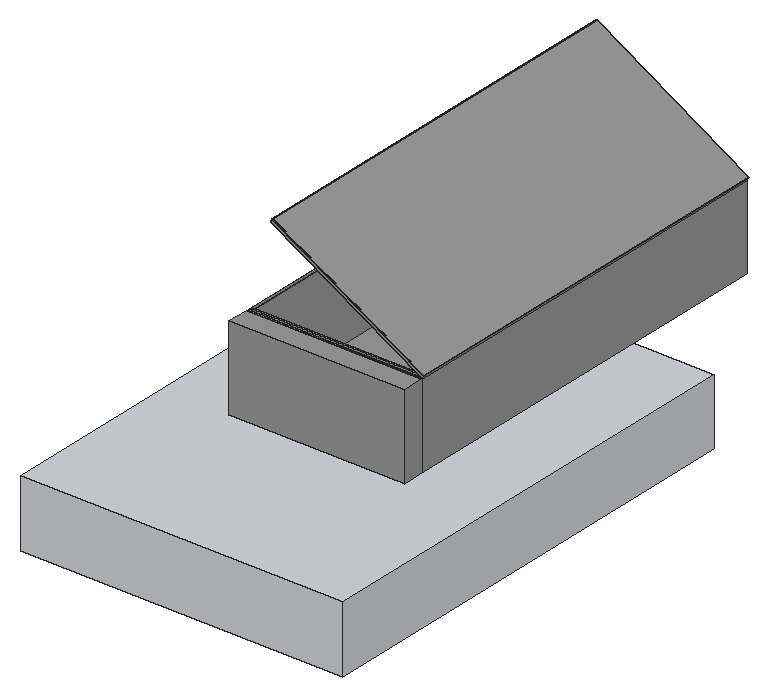
Revit family "Hager-Univers-IP55-D400-H1950-Cl.II-Steel_encl-FR-fr", category Equipement électrique, Revit 2020
Family settings
  Hôte = Face
  Configuration du panneau = Deux colonnes, circuits au sein
  Cote de connecteur circulaire = Utiliser le diamètre
  Type d'élément = Tableau de raccordement
  Couper avec des vides une fois chargée = Non
  Partagée = Non
  Point de calcul de pièce = Non
Parameters (values of type "installation au sol IP55 L800 H1950 P400  - FR23H1")
  Width Control [instance] = if([EF000008 - largeur] > Min Width, [EF000008 - largeur], Min Width)  # 800 mm
  Commentaires du type = [HG000003 - Gamme]  # "Univers"
  Thickness Door [instance] = if([EF009171 - épaisseur de matériau de la porte/du couvercle] > 3 mm, 3 mm, [EF009171 - épaisseur de matériau de la porte/du couvercle])  # 1.5 mm
  Seal Frame Offset [instance] = 17 mm  # constant formula
  Plinth Visibility [instance] = [HG000027 - Hauteur du socle] > 0 mm  # yes
  Model = ""
  Min Width [instance] = 100 mm  # constant formula
  Min Height [instance] = 100 mm  # constant formula
  Min Depth [instance] = (2 * [EF009170 - épaisseur de matériau du boîtier]) + 1 mm  # 4 mm
  Internal Frame Depth [instance] = (Door System Depth * 0.5)  # 9 mm
  Height Control [instance] = if([EF000040 - hauteur] > Min Height, [EF000040 - hauteur], Min Height)  # 1950 mm
  HG000027 - Hauteur du socle = 100 mm
  HG000026 - Installation au sol = yes
  HG000024 - Hauteur de la section basse = 800 mm
  HG000023 - Armoire double section = no
  HG000016 - Visibilité de la porte 3D [instance] = yes
  HG000015 - Visibilité de l'emprise de la porte [instance] = no
  HG000014 - Porte à droite [instance] = yes
  HG000013 - Porte à gauche [instance] = not([HG000014 - Porte à droite])  # no
  HG000012 - Angle de pivotement de la porte [instance] = 30.00°
  HG000010 - Portes asymétriques = no
  HG000009 - Porte à double battant = no
  HG000006 - Encastré = no
  HG000004 - Référence fabricant = "FR23H1"
  HG000003 - Gamme = "Univers"
  HG000002 - avec porte = yes
  Frame Offset Bottom [instance] = 10 mm  # constant formula
  Frame Offset [instance] = 15 mm  # constant formula
  EF015940 - couvercle avec décharge de pression = no
  EF011959 - degré de protection (NEMA) = ""
  EF009554 - nombre d'ouvertures pour plaques à bride = 6
  Fabricant = "Hager"  # constant formula
  EF009212 - finition du couvercle = "EV000116 - fermé"
  EF009171 - épaisseur de matériau de la porte/du couvercle = 1.5 mm
  EF009170 - épaisseur de matériau du boîtier = 1.5 mm
  EF008873 - courant nominal (In) = 800 A
  EF007800 - adapté à un parafoudre = no
  EF006306 - avec serrure = no
  EF006244 - couvercle/porte transparent(e) = no
  EF005474 - indice de protection (IP) = "EV006420 - IP55"
  EF004464 - type de porte = "EV002646 - unique"
  EF004427 - nombre de modules = 432
  EF004293 - indice de protection contre les chocs (IK) = "EV008784 - IK10"
  EF003532 - convient pour utilisation à l’extérieur = no
  EF002950 - largeur en nombre de modules = 24
  EF001613 - maintien de fonction = "EV000494 - sans"
  EF001596 - matériau du boîtier/corps = "EV000179 - acier"
  EF001131 - profondeur intérieure = 400 mm
  EF001088 - possibilité de montage en saillie = yes
  EF000437 - nombre d'entrées de conduit = 6
  EF000339 - type de capot = "EV004216 - porte"
  EF000266 - nombre de rangées = 12
  EF000218 - profondeur d'encastrement = 0 mm
  EF000118 - avec cadre/support de montage = no
  EF000116 - numéro RAL = "7035"
  EF000049 - profondeur = 400 mm
  EF000040 - hauteur = 1950 mm
  EF000008 - largeur = 800 mm
  EF000007 - couleur = "EV000270 - gris"
  EF000003 - mode de pose = "EV012274 - installation au sol"
  Door System Leaf Tolerance [instance] = 1.5 mm  # constant formula
  Door System Depth [instance] = 18 mm  # constant formula
  Door Height [instance] = Height Control - [HG000027 - Hauteur du socle]  # 1850 mm
  Depth Control [instance] = if([EF000049 - profondeur] > Min Depth, [EF000049 - profondeur], Min Depth)  # 400 mm
  Default Elevation = 0 mm
  Connector Offset [instance] = Height Control / 2  # 975 mm
  Bottom Top Plate Trim [instance] = 1.5 mm  # constant formula
  Plinth height Ctrl [instance] = if([HG000027 - Hauteur du socle] > 0 mm, [HG000027 - Hauteur du socle], 12 mm)  # 100 mm
Types (6, lengths in mm): name | Width Control | HG000010 - Portes asymétriques | HG000009 - Porte à double battant | HG000004 - Référence fabricant | EF009554 - nombre d'ouvertures pour plaques à bride | EF004464 - type de porte | EF004427 - nombre de modules | EF000437 - nombre d'entrées de conduit | EF000008 - largeur
  installation au sol IP55 L1050 H1950 P400  - FR24H1 | 1050 | yes | yes | "FR24H1" | 8 | "EV003602 - double" | 576 | 8 | 1050
  installation au sol IP55 L1300 H1950 P400  - FR25H1 | 1300 | yes | yes | "FR25H1" | 10 | "EV003602 - double" | 720 | 10 | 1300
  installation au sol IP55 L1550 H1950 P400  - FR26H1 | 1550 | yes | yes | "FR26H1" | 12 | "EV003602 - double" | 864 | 12 | 1550
  installation au sol IP55 L300 H1950 P400  - FR21H1 | 300 | no | no | "FR21H1" | 2 | "EV002646 - unique" | 144 | 2 | 300
  installation au sol IP55 L550 H1950 P400  - FR22H1 | 550 | no | no | "FR22H1" | 4 | "EV002646 - unique" | 288 | 4 | 550
  installation au sol IP55 L800 H1950 P400  - FR23H1 | 800 | no | no | "FR23H1" | 6 | "EV002646 - unique" | 432 | 6 | 800
Reference planes
  plane 1 "Center (Front/Back)": y = 0
  plane 2: z = 0
  plane 3 "Center (Left/Right)": x = 0
  plane 4: z = 400
  plane 5: y = 101.5
  plane 6: y = 1025
  plane 7: y = 100
  plane 8: y = 1950
  plane 9: z = 0
  plane 10: x = -385
  plane 11: x = 385
  plane 12: x = 383.5
  plane 13: x = -383.5
  plane 14: y = 1948.5
  plane 15: x = -383
  plane 16: x = -400
  plane 17: x = 383
  plane 18: x = 400
  plane 19: x = 398.5
  plane 20: x = -398.5
  plane 21: y = 111.5
  plane 22: y = 1950
  plane 23: y = 1933.5
  plane 24: z = 382
  plane 25: z = 1.5
  plane 26: z = 380.5
  plane 27: z = 398.5
Forms (mm)
  Extrusion 1, solid
    sketch origin (0, 0, 0) x (1, 0, 0) y (0, 1, 0)
      loop
        line (-702.964, 1305) -> (-702.964, -811.445) -> (766.763, -811.445) -> (766.763, 1305) -> (-702.964, 1305)
    from 0 to -304.8
  Extrusion 2, solid, material "Hager_Steel_RAL7035_Light_Grey", visible <- "Plinth Visibility", detail levels medium+fine
    sketch origin (0, 0, 0) x (1, 0, 0) y (0, 1, 0)
      loop
        line (-400, 0) -> (400, 0) -> (400, 100) -> (-400, 100) -> (-400, 0)
    from 0 to 382
  Extrusion 3, solid, material "Hager_Steel_RAL7035_Light_Grey", detail levels medium+fine
    sketch origin (0, 0, 0) x (1, 0, 0) y (0, 1, 0)
      loop
        line (-400, 100) -> (400, 100) -> (400, 1950) -> (-400, 1950) -> (-400, 100)
    from 0 to 382
  Extrusion 4, void
    sketch origin (0, 0, 0) x (1, 0, 0) y (0, 1, 0)
      loop
        line (-398.5, 101.5) -> (398.5, 101.5) -> (398.5, 1948.5) -> (-398.5, 1948.5) -> (-398.5, 101.5)
    from 1.5 to 380.5
  Extrusion 5, void
    sketch origin (-381.607, -4572, 382) x (0, -1, 0) y (-1, 0, 0)
      loop
        line (-4683.5, 1.893) -> (-6505.5, 1.893) -> (-6505.5, -765.107) -> (-4683.5, -765.107) -> (-4683.5, 1.893)
    from 0 to 1.5 <- "EF009170 - épaisseur de matériau du boîtier"
  Extrusion 6, solid, material "Hager_Steel_RAL7035_Light_Grey", detail levels fine
    sketch origin (0, 0, 382) x (1, 0, 0) y (0, 1, 0)
      loop
        line (-383.5, 1933.5) -> (-383.5, 111.5) -> (383.5, 111.5) -> (383.5, 1933.5) -> (-383.5, 1933.5)
      loop
        line (-385, 110) -> (385, 110) -> (385, 1935) -> (-385, 1935) -> (-385, 110)
    from 0 to 9 <- "Internal Frame Depth"
  Extrusion 7, solid, material "Hager_Steel_RAL7035_Light_Grey", detail levels coarse
    sketch origin (0, 0, 0) x (1, 0, 0) y (0, 1, 0)
      loop
        line (-400, 0) -> (400, 0) -> (400, 1950) -> (-400, 1950) -> (-400, 0)
    from 0 to 400
  Sweep 8, void
    path in 3D
      loop
        line (-400, 100, 0) -> (400, 100, 0) -> (400, 100, 382) -> (-400, 100, 382) -> (-400, 100, 0)
    profile origin (-400, 100, 191) x (-1, 0, 0) y (0, -1, 0)
      loop
        line (0, 0) -> (0, 1.5) -> (-1.5, 1.5)
        arc (-1.5, 1.5) -> (-1.061, 0.439) -> (0, 0) r 1.5
Cuts and joins
  Extrusion 4, Extrusion 5 cuts Extrusion 3
  Sweep 8 cuts Extrusion 2
Lines and regions (mm)
  Masking region 1
    outline origin (0, 0, 0) x (1, 0, 0) y (0, 0, 1)
      loop
        line (-400, 400) -> (-400, 0) -> (400, 0) -> (400, 400) -> (-400, 400)
  Masking region 2, detail levels medium+fine
    outline origin (0, 140, 0) x (0, 1, 0) y (0, 0, 1)
      loop
        line (-40, 0) -> (1810, 0) -> (1810, 382) -> (-40, 382) -> (-40, 0)
  Masking region 3, not visible, detail levels medium+fine
    outline origin (0, 297.922, 0) x (0, 1, 0) y (0, 0, 1)
      loop
        line (738.578, 0) -> (778.578, 0) -> (778.578, 388.5)
        arc (778.578, 388.5) -> (775.649, 395.571) -> (768.578, 398.5) r 10
        line (768.578, 398.5) -> (738.578, 398.5) -> (738.578, 0)
  Masking region 4, detail levels coarse
    outline origin (0, 0, 180) x (0, 1, 0) y (0, 0, 1)
      loop
        line (0, -180) -> (1950, -180) -> (1950, 220) -> (0, 220) -> (0, -180)
  Masking region 5, visible <- "Plinth Visibility", detail levels medium+fine
    outline origin (0, 52.24, 12.345) x (0, 0, -1) y (0, 1, 0)
      loop
        line (10.845, 47.76) -> (-368.155, 47.76)
        arc (-368.155, 47.76) -> (-368.594, 46.699) -> (-369.655, 46.26) r 1.5
        line (-369.655, 46.26) -> (-369.655, -52.24) -> (12.345, -52.24) -> (12.345, 46.26)
        arc (12.345, 46.26) -> (11.285, 46.699) -> (10.845, 47.76) r 1.5
  Masking region 6, detail levels medium+fine
    outline origin (-381.607, -4572, 382) x (-1, 0, 0) y (0, -1, 0)
      loop
        line (18.393, -6522) -> (18.393, -4672) -> (-781.607, -4672) -> (-781.607, -6522) -> (18.393, -6522)
  Masking region 7, visible <- "Plinth Visibility", detail levels medium+fine
    outline origin (-381.607, -4727, 382) x (-1, 0, 0) y (0, -1, 0)
      loop
        arc (16.893, -4827) -> (17.332, -4825.939) -> (18.393, -4825.5) r 1.5
        line (18.393, -4825.5) -> (18.393, -4727) -> (-781.607, -4727) -> (-781.607, -4825.5)
        arc (-781.607, -4825.5) -> (-780.546, -4825.939) -> (-780.107, -4827) r 1.5
        line (-780.107, -4827) -> (16.893, -4827)
  Masking region 8, detail levels coarse
    outline origin (-442.548, -4669.526, 382) x (-1, 0, 0) y (0, -1, 0)
      loop
        line (-42.548, -6619.526) -> (-42.548, -4669.526) -> (-842.548, -4669.526) -> (-842.548, -6619.526) -> (-42.548, -6619.526)
  sketch lines
    curve 1: line (-400, 100, 382) -> (-400, 100, 0)
    curve 2: line (400, 100, 382) -> (-400, 100, 382)
    curve 3: line (400, 100, 382) -> (400, 100, 0)
    curve 4: line (-400, 100, 0) -> (400, 100, 0)
Dimensions and locks
  "Depth Control": plane 4 to Extrusion 1
  "HG000027 - Hauteur du socle": plane 1 "Center (Front/Back)" to plane 7
  "EF009170 - épaisseur de matériau du boîtier": plane 5 to plane 7
  locked: connector elem to plane 3 "Center (Left/Right)"
  equal spacing: plane 8, plane 6, plane 7
  locked: connector elem to plane 6
  "EF009170 - épaisseur de matériau du boîtier": plane 8 to plane 14
  "EF009170 - épaisseur de matériau du boîtier": plane 10 to plane 13
  "EF009170 - épaisseur de matériau du boîtier": plane 12 to plane 11
  "Frame Offset": plane 20 to plane 13
  "Frame Offset": plane 12 to plane 19
  "EF009170 - épaisseur de matériau du boîtier": plane 16 to plane 20
  "EF009170 - épaisseur de matériau du boîtier": plane 19 to plane 18
  "Seal Frame Offset": plane 16 to plane 15
  "Seal Frame Offset": plane 17 to plane 18
  "Frame Offset Bottom": plane 21 to plane 5
  "Frame Offset": plane 14 to plane 23
  equal spacing: plane 16, plane 3 "Center (Left/Right)", plane 18
  "Width Control": plane 16 to plane 18
  "EF009170 - épaisseur de matériau du boîtier": plane 4 to plane 27
  "EF009170 - épaisseur de matériau du boîtier": plane 24 to plane 26
  "EF009170 - épaisseur de matériau du boîtier": plane 25 to level
  "Door System Depth": plane 4 to plane 24
  "Height Control": plane 1 "Center (Front/Back)" to Extrusion 7 sketch curve
  "Height Control": Masking region 4 sketch curve to plane 1 "Center (Front/Back)"
  "Height Control": plane 1 "Center (Front/Back)" to plane 22
  "Bottom Top Plate Trim": profile plane to Sweep 8 sketch curve
  "Bottom Top Plate Trim": Sweep 8 sketch curve to profile plane
  "Plinth height Ctrl": plane 1 "Center (Front/Back)" to Extrusion 2 sketch curve
  "Plinth height Ctrl": Masking region 5 sketch curve to plane 1 "Center (Front/Back)"
  "Plinth height Ctrl": plane 1 "Center (Front/Back)" to Masking region 7 sketch curve
  "Thickness Door": Extrusion 6 sketch curve to Extrusion 6 sketch curve  (x3)
  "Thickness Door": cut or joined group of Extrusion 3, Extrusion 4, Extrusion 5 to Extrusion 6 sketch curve
  radius of Masking region 3 sketch curve = 10 mm
  "Bottom Top Plate Trim": radius of Masking region 5 sketch curve  (x2)
  "Bottom Top Plate Trim": radius of Sweep 8 sketch curve
  "Bottom Top Plate Trim": radius of Masking region 7 sketch curve  (x2)
  aligned and locked: plane 2 to Extrusion 1
  aligned and locked: level to Extrusion 1
  aligned and locked: level to Masking region 1 sketch curve
  aligned and locked: Masking region 1 sketch curve to plane 18
  aligned and locked: Masking region 1 sketch curve to plane 16
  aligned and locked: plane 7 to Masking region 2 sketch curve
  aligned and locked: level to Masking region 3 sketch curve
  aligned and locked: Masking region 3 sketch curve to plane 27
  aligned and locked: level to Masking region 2 sketch curve
  aligned and locked: plane 1 "Center (Front/Back)" to Extrusion 2 sketch curve
  aligned and locked: Extrusion 3 sketch curve to plane 7
  aligned and locked: plane 16 to Extrusion 3 sketch curve
  aligned and locked: plane 18 to Extrusion 3 sketch curve
  aligned and locked: plane 20 to Extrusion 4 sketch curve
  aligned and locked: plane 19 to Extrusion 4 sketch curve
  aligned and locked: Extrusion 4 sketch curve to plane 5
  aligned and locked: Extrusion 4 to plane 25
  aligned and locked: plane 26 to Extrusion 4
  aligned and locked: plane 24 to Extrusion 3
  aligned and locked: Extrusion 5 sketch curve to plane 21
  aligned and locked: Extrusion 5 sketch curve to plane 13
  aligned and locked: Extrusion 5 sketch curve to plane 12
  aligned and locked: plane 18 to Extrusion 7 sketch curve
  aligned and locked: plane 1 "Center (Front/Back)" to Extrusion 7 sketch curve
  aligned and locked: plane 16 to Extrusion 7 sketch curve
  aligned and locked: plane 4 to Extrusion 7
  aligned and locked: Extrusion 7 to level
  aligned and locked: level to Masking region 4 sketch curve
  aligned and locked: Masking region 4 sketch curve to plane 1 "Center (Front/Back)"
  aligned and locked: Masking region 4 sketch curve to plane 4
  aligned and locked: nested 1 to level
  aligned and locked: nested 1 to plane 16
  aligned and locked: plane 8 to Extrusion 3 sketch curve
  aligned and locked: plane 23 to Extrusion 5 sketch curve
  aligned and locked: plane 14 to Extrusion 4 sketch curve
  aligned and locked: Masking region 2 sketch curve to plane 8
  aligned and locked: level to Masking region 5 sketch curve
  aligned and locked: plane 16 to Extrusion 2 sketch curve
  aligned and locked: plane 18 to Extrusion 2 sketch curve
  aligned and locked: Masking region 5 sketch curve to plane 24
  aligned and locked: Masking region 2 sketch curve to plane 24
  aligned and locked: plane 24 to Extrusion 2
  aligned and locked: profile plane to Sweep 8 sketch curve  (x2)
  aligned and locked: Masking region 6 sketch curve to plane 18
  aligned and locked: Masking region 6 sketch curve to plane 22
  aligned and locked: Masking region 6 sketch curve to plane 16
  aligned and locked: plane 8 to plane 22
  aligned and locked: Masking region 6 sketch curve to plane 7
  aligned and locked: Masking region 7 sketch curve to plane 16
  aligned and locked: Masking region 7 sketch curve to plane 1 "Center (Front/Back)"
  aligned and locked: Masking region 7 sketch curve to plane 18
  aligned and locked: Masking region 8 sketch curve to plane 1 "Center (Front/Back)"
  aligned and locked: Masking region 8 sketch curve to plane 18
  aligned and locked: Masking region 8 sketch curve to plane 22
  aligned and locked: Masking region 8 sketch curve to plane 16
  aligned and locked: nested 2 to plane 7
  aligned and locked: plane 3 "Center (Left/Right)" to nested 2
  aligned and locked: nested 2 to plane 24
  aligned and locked: Extrusion 6 sketch curve to cut or joined group of Extrusion 3, Extrusion 4, Extrusion 5  (x4)
Automatic sketch dimensions
  Extrusion 1 sketch curve to Extrusion 1 sketch curve = 1469.727 mm
  Extrusion 1 sketch curve to Extrusion 1 sketch curve = 2116.445 mm
  Masking region 1 sketch curve to plane 4 = 0 mm
  plane 6 to Masking region 3 sketch curve = 11.5 mm
  Masking region 3 sketch curve to Masking region 3 sketch curve = 30 mm
  Masking region 5 sketch curve to plane 1 "Center (Front/Back)" = 0 mm
Nested families
  nested 1: "Hager_Enclosure_Symbol" at (-400, 0, 0) x (1, 0, 0) z (0, -1, 0), Height <- "Depth Control", Width <- "Width Control", type "Hager_Enclosure_Symbol"
    with Width_Ctrl 800 mm, Width 800 mm, Height_Ctrl 400 mm, Height 400 mm, A_Width_Int 26.25 mm, A_Width 315 mm, A_Height_Ctrl 350 mm, A_Height 350 mm
  nested 2: "EC000058_Univers_Door" at (0, 100, 382) x (1, 0, 0) z (0, 1, 0), Leaf_Tolerance <- "Door System Leaf Tolerance", Angle <- "HG000012 - Angle de pivotement de la porte", Door_Depth <- "Door System Depth", Door_Left <- "HG000013 - Porte à gauche", Transparent <- "EF006244 - couvercle/porte transparent(e)", Assymetrical <- "HG000010 - Portes asymétriques", Width <- "Width Control", Clearance <- "HG000015 - Visibilité de l'emprise de la porte", Double <- "HG000009 - Porte à double battant", 3d_Door <- "HG000016 - Visibilité de la porte 3D", Lock_Visibility <- "EF006306 - avec serrure", Width_Ctrl <- "Width Control", Door_Right <- "HG000014 - Porte à droite", Door <- "HG000002 - avec porte", Height <- "Door Height", Thickness <- "Thickness Door", type "EC000058_Univers_Door", detail levels medium+fine
    with min_wh 4 mm, Width_Ctrl 800 mm, Width 800 mm, Transparent no, Thickness 1.5 mm, Seal_Material Hager_Rubber, Lock_Visibility no, Lock_Material Hager_Plastic_RAL9005_Jet_Black, Leaf_Width 800 mm, Leaf_Tolerance_External_Sides 0 mm, Leaf_Tolerance 1.5 mm, Leaf_Offset 0 mm, Leaf_Height 1847 mm, Leaf_2_Width 800 mm, Leaf_2_Offset 400 mm, Leaf_1_Width 800 mm, Leaf_1_Offset 400 mm, Height_Ctrl 1850 mm, Height 1850 mm, Glass_Material Hager_Glass, Double_Clearance_Ctrl no, Double no, Door_Right_Ctrl yes, Door_Right yes, Door_Material Hager_Steel_RAL7035_Light_Grey, Door_Left_Ctrl no, Door_Left no, Door_Depth 18 mm, Door yes, Clearance_Material Hager_Clearance, Clearance_Depth 800 mm, Clearance_Ctrl no, Clearance no, Assymetrical no, Angle 30.00°, 3d_Door yes
Connectors
  electrical at (0, 1025, 0)
    settings: on plane 9, index 1, voltage 0 V, apparent load 0 VA, apparent load phase1 0 VA, apparent load phase2 0 VA, apparent load phase3 0 VA, power factor 1, load classification "Other", number of poles 1, system type 30, power factor state 1, is connector primary yes, connector utility no, sub classification motor no, connector description ""
Definition of nested family "EC000058_Univers_Door"
  Parameters (values of type "EC000058_Univers_Door")
    min_wh [instance] = (2 * Thickness) + 1 mm  # 11 mm
    Width_Ctrl [instance] = 400 mm
    Width [instance] = 500 mm
    Transparent [instance] = yes
    Thickness [instance] = 5 mm
    Seal_Material [instance] = none
    Lock_Visibility [instance] = yes
    Lock_Material [instance] = none
    Leaf_Width [instance] = if((Width_Ctrl - 2 * Leaf_Tolerance_External_Sides) > 0 mm, (Width_Ctrl - 2 * Leaf_Tolerance_External_Sides), min_wh)  # 400 mm
    Leaf_Tolerance_External_Sides [instance] = 0 mm  # constant formula
    Leaf_Tolerance [instance] = 1.5 mm
    Leaf_Offset [instance] = 0 mm  # constant formula
    Leaf_Height [instance] = if((Height_Ctrl - 2 * Leaf_Tolerance) > 0 mm, (Height_Ctrl - 2 * Leaf_Tolerance), min_wh)  # 497 mm
    Leaf_2_Width [instance] = if(and(and(Double, Assymetrical), Door_Left), (Leaf_Width / 3) - (Leaf_Tolerance / 2), if(and(and(Double, Assymetrical), Door_Right), (Leaf_Width / 3) * 2 - (Leaf_Tolerance / 2), if(and(Double, not(Assymetrical)), (Leaf_Width / 2) - Leaf_Tolerance, Leaf_Width)))  # 400 mm
    Leaf_2_Offset [instance] = if(and(Double, Assymetrical), Leaf_2_Width / 2, if(and(Double, not(Assymetrical)), Leaf_Width / 4, Leaf_Width / 2))  # 200 mm
    Leaf_1_Width [instance] = if(and(and(Double, Assymetrical), Door_Right), (Leaf_Width / 3) - (Leaf_Tolerance / 2), if(and(and(Double, Assymetrical), Door_Left), (Width / 3) * 2 - (Leaf_Tolerance / 2), if(and(Double, not(Assymetrical)), (Leaf_Width / 2) - Leaf_Tolerance, Leaf_Width)))  # 400 mm
    Leaf_1_Offset [instance] = if(and(Double, Assymetrical), Leaf_1_Width / 2, if(and(Double, not(Assymetrical)), Leaf_Width / 4, Leaf_Width / 2))  # 200 mm
    Height_Ctrl [instance] = if(Height > min_wh, Height, min_wh)  # 500 mm
    Height [instance] = 500 mm
    Glass_Material [instance] = none
    Double_Clearance_Ctrl [instance] = and(Double, Clearance)  # no
    Double [instance] = no
    Door_Right_Ctrl [instance] = and(or(Door_Right, Double), Door)  # yes
    Door_Right [instance] = yes
    Door_Material [instance] = none
    Door_Left_Ctrl [instance] = and(or(Door_Left, Double), Door)  # no
    Door_Left [instance] = no
    Door_Depth [instance] = 30 mm
    Door [instance] = yes
    Default Elevation = 1219.2 mm
    Clearance_Material [instance] = none
    Clearance_Depth [instance] = if(Leaf_1_Width > Leaf_2_Width, Leaf_1_Width, Leaf_2_Width)  # 400 mm
    Clearance_Ctrl [instance] = and(not(Double), Clearance)  # yes
    Clearance [instance] = yes
    Assymetrical [instance] = yes
    Angle [instance] = 30.00°
    3d_Door [instance] = yes
  Reference planes
    plane 1 "Center (Front/Back)": y = 0
    plane 2 "Bottom": z = 0
    plane 3 "Center (Left/Right)": x = 0
    plane 4: z = 500
    plane 5: x = -200
    plane 6: x = 200
    plane 7: z = 500
    plane 8: x = -200
    plane 9: z = 0
    plane 10: x = 200
    plane 11: y = 0
    plane 12: z = 1.5
    plane 13: x = -600
    plane 14: y = -400
    plane 15: x = 600
    plane 16: x = 0
    plane 17: x = 0
    plane 18: x = -200
    plane 19: x = 200
    plane 20: z = 498.5
  Forms (mm)
    Extrusion 1, solid, material <- "Clearance_Material", visible <- "Double_Clearance_Ctrl"
      sketch origin (1200, 0, 0) x (1, 0, 0) y (0, 0, -1)
        loop
          line (-1800, -498.5) -> (-600, -498.5) -> (-600, 0) -> (-1800, 0) -> (-1800, -498.5)
      from 0 to -400
  Dimensions and locks
    equal spacing: plane 5, plane 3 "Center (Left/Right)", plane 6
    "Width_Ctrl": plane 5 to plane 6
    "Leaf_Offset": plane 5 to plane 8
    "Leaf_Offset": plane 6 to plane 10
    "Leaf_Offset": plane 9 to level
    "Leaf_Offset": plane 4 to plane 7
    "Height_Ctrl": plane 4 to level
    "Leaf_Tolerance": plane 12 to plane 9
    locked: plane 11 to plane 1 "Center (Front/Back)"
    "Leaf_1_Offset": plane 18 to plane 16
    "Leaf_2_Offset": plane 17 to plane 19
    "Leaf_1_Width": plane 13 to plane 8
    "Leaf_2_Width": plane 10 to plane 15
    "Clearance_Depth": plane 14 to plane 1 "Center (Front/Back)"
    "Leaf_Tolerance_External_Sides": plane 8 to plane 18
    "Leaf_Tolerance_External_Sides": plane 19 to plane 10
    "Leaf_Tolerance": plane 7 to plane 20
    aligned and locked: level to plane 2 "Bottom"
    aligned and locked: nested 1 to plane 16
    aligned and locked: nested 2 to plane 17
    aligned and locked: Extrusion 1 to plane 13
    aligned and locked: plane 15 to Extrusion 1
    aligned and locked: Extrusion 1 to plane 14
    aligned and locked: plane 12 to nested 1
    aligned and locked: nested 2 to plane 12
    aligned and locked: Extrusion 1 to plane 11
    aligned and locked: plane 20 to Extrusion 1
    aligned and locked: nested 2 to plane 11
    aligned and locked: nested 1 to plane 11
  Automatic sketch dimensions
    Extrusion 1 sketch curve to level = 0 mm
    plane 5 to Extrusion 1 sketch curve = 400 mm
    plane 6 to Extrusion 1 sketch curve = 400 mm
    Extrusion 1 sketch curve to plane 4 = 1.5 mm
  Nested families
    nested 1: "EC000058_Univers_Door_Leaf" at (0, 0, 1.5), Width <- "Leaf_1_Width", visible <- "Door_Left_Ctrl", Leaf_Height <- "Leaf_Height", Angle <- "Angle", 3d_Door <- "3d_Door", Transparent <- "Transparent", Clearance Material <- "Clearance_Material", Clearance <- "Clearance_Ctrl", Door_Material <- "Door_Material", Glass_Material <- "Glass_Material", Door_Depth <- "Door_Depth", Lock_Material <- "Lock_Material", Seal_Material <- "Seal_Material", Lock_Visibility <- "Lock_Visibility", Thickness <- "Thickness", type "EC000058_Univers_Door_Leaf"
      with Width 400 mm, Transparent_Glass_Offset 30 mm, Transparent_Ctrl yes, Transparent yes, Thickness 5 mm, Standard no, Seal_Material none, Seal_D2 8 mm, Seal_D1 1 mm, Offset_Internal_Frame 10 mm, Lock_Width 20 mm, Lock_Visibility_3d yes, Lock_Visibility yes, Lock_Thickness_3 3 mm, Lock_Thickness_2 1 mm, Lock_Thickness_1 3 mm, Lock_Radius_Offset_2 16 mm, Lock_Radius_Offset_1 15 mm, Lock_Radius_2 5 mm, Lock_Radius 6 mm, Lock_Offset 5 mm, Lock_Material none, Lock_Height 80 mm, Lock_Cover_Top_Offset_2d 17 mm, Lock_Cover_Height -65 mm, Leaf_Height 497 mm, Internal_Seal_Thickness 8 mm, Internal_Seal_Depth_2 4.5 mm, Internal_Frame_Depth 25 mm, Glass_Thickness -1 mm, Glass_Offset -2 mm, Glass_Material none, Door_Material none, Door_Depth 30 mm, Clearance Material none, Clearance yes, Angle_Ctrl 30.00°, Angle 30.00°, 3d_Door yes
    nested 2: "EC000058_Univers_Door_Leaf" at (0, 0, 1.5) x (-1, 0, 0) z (0, 0, 1), Width <- "Leaf_2_Width", visible <- "Door_Right_Ctrl", Leaf_Height <- "Leaf_Height", Angle <- "Angle", 3d_Door <- "3d_Door", Transparent <- "Transparent", Clearance Material <- "Clearance_Material", Clearance <- "Clearance_Ctrl", Door_Material <- "Door_Material", Glass_Material <- "Glass_Material", Door_Depth <- "Door_Depth", Lock_Material <- "Lock_Material", Seal_Material <- "Seal_Material", Lock_Visibility <- "Lock_Visibility", Thickness <- "Thickness", type "EC000058_Univers_Door_Leaf"
      with Width 400 mm, Transparent_Glass_Offset 30 mm, Transparent_Ctrl yes, Transparent yes, Thickness 5 mm, Standard no, Seal_Material none, Seal_D2 8 mm, Seal_D1 1 mm, Offset_Internal_Frame 10 mm, Lock_Width 20 mm, Lock_Visibility_3d yes, Lock_Visibility yes, Lock_Thickness_3 3 mm, Lock_Thickness_2 1 mm, Lock_Thickness_1 3 mm, Lock_Radius_Offset_2 16 mm, Lock_Radius_Offset_1 15 mm, Lock_Radius_2 5 mm, Lock_Radius 6 mm, Lock_Offset 5 mm, Lock_Material none, Lock_Height 80 mm, Lock_Cover_Top_Offset_2d 17 mm, Lock_Cover_Height -65 mm, Leaf_Height 497 mm, Internal_Seal_Thickness 8 mm, Internal_Seal_Depth_2 4.5 mm, Internal_Frame_Depth 25 mm, Glass_Thickness -1 mm, Glass_Offset -2 mm, Glass_Material none, Door_Material none, Door_Depth 30 mm, Clearance Material none, Clearance yes, Angle_Ctrl 30.00°, Angle 30.00°, 3d_Door yes
  Definition of nested family "EC000058_Univers_Door_Leaf"
    Parameters (values of type "EC000058_Univers_Door_Leaf")
      Width [instance] = 2000 mm
      Transparent_Glass_Offset [instance] = 30 mm
      Transparent_Ctrl [instance] = and(Transparent, [3d_Door])  # yes
      Transparent [instance] = yes
      Thickness [instance] = 5 mm
      Standard [instance] = and(not(Transparent), [3d_Door])  # no
      Seal_Material [instance] = none
      Seal_D2 [instance] = 8 mm  # constant formula
      Seal_D1 [instance] = 1 mm  # constant formula
      Offset_Internal_Frame [instance] = 10 mm  # constant formula
      Lock_Width [instance] = 20 mm  # constant formula
      Lock_Visibility_3d [instance] = and(Lock_Visibility, [3d_Door])  # yes
      Lock_Visibility [instance] = yes
      Lock_Thickness_3 [instance] = 3 mm  # constant formula
      Lock_Thickness_2 [instance] = 1 mm  # constant formula
      Lock_Thickness_1 [instance] = 3 mm  # constant formula
      Lock_Radius_Offset_2 [instance] = Lock_Radius_Offset_1 + 1 mm  # 16 mm
      Lock_Radius_Offset_1 [instance] = 15 mm  # constant formula
      Lock_Radius_2 [instance] = Lock_Radius - 1 mm  # 5 mm
      Lock_Radius [instance] = 6 mm  # constant formula
      Lock_Offset [instance] = 5 mm  # constant formula
      Lock_Material [instance] = none
      Lock_Height [instance] = 80 mm  # constant formula
      Lock_Cover_Top_Offset_2d [instance] = Lock_Radius_Offset_2 + 1 mm  # 17 mm
      Lock_Cover_Height [instance] = -(Lock_Height - Lock_Radius_Offset_1)  # -65 mm
      Leaf_Height [instance] = 2720.336 mm
      Internal_Seal_Thickness [instance] = 8 mm  # constant formula
      Internal_Seal_Depth_2 [instance] = 4.5 mm  # constant formula
      Internal_Frame_Depth [instance] = if(Door_Depth - Thickness > 5 mm, Door_Depth - Thickness, 5 mm)  # 25 mm
      Glass_Thickness [instance] = if(Thickness > 15 mm, Glass_Offset + 10 mm, -1 mm)  # -1 mm
      Glass_Offset [instance] = if(Thickness > 15 mm, -(Thickness + 10 mm) / 2, -2 mm)  # -2 mm
      Glass_Material [instance] = none
      Door_Material [instance] = none
      Door_Depth [instance] = 30 mm
      Default Elevation = 0 mm
      Clearance Material [instance] = none
      Clearance [instance] = yes
      Angle_Ctrl [instance] = if(Angle > 180.00°, 180.00°, Angle)  # 90.00°
      Angle [instance] = 90.00°
      3d_Door [instance] = yes
    Reference planes
      plane 1 "Center (Front/Back)": y = 0
      plane 2: z = 0
      plane 3 "Center (Left/Right)": x = 0
      plane 4: y = 2000
      plane 5: x = -1000
      plane 6: x = 1000
      plane 7: x = -3000
      plane 8: z = 2720.336
      plane 9: z = 30
      plane 10: z = 2690.336
      plane 11: x = 970
      plane 12: x = -970
      plane 13: y = -3
      plane 14: z = 107.833
      plane 15: y = -5
      plane 16: y = -223.314
      plane 17: x = -1000
      plane 18: z = 1360.168
      plane 19: y = 30
    Forms (mm)
      Extrusion 1, solid, material <- "Clearance Material", visible <- "Clearance"
        sketch origin (0, 0, 0) x (1, 0, 0) y (0, 0, 1)
          loop
            line (-3000, 2720.336) -> (-3000, 0) -> (1000, 0) -> (1000, 2720.336) -> (-3000, 2720.336)
        from 0 to -2000
      Extrusion 2, solid, material <- "Door_Material", visible <- "Standard", detail levels medium+fine
        sketch origin (-1000, 0, 0) x (0, 1, 0) y (-1, 0, 0)
          loop
            line (0, 30) -> (0, 25) -> (2000, 25) -> (2000, 30) -> (0, 30)
        from 0 to 2720.336 <- "Leaf_Height"
      Extrusion 3, solid, material <- "Door_Material", visible <- "Transparent_Ctrl", detail levels medium+fine
        sketch origin (-1000, 0, 0) x (0, 1, 0) y (-1, 0, 0)
          loop
            line (0, 25) -> (2000, 25) -> (2000, 30) -> (0, 30) -> (0, 25)
        from 0 to 2720.336 <- "Leaf_Height"
      Extrusion 4, void
        sketch origin (-1025, 2000, 0) x (0, 1, 0) y (0, 0, -1)
          loop
            line (-30, -2690.336) -> (-30, -30) -> (-1970, -30) -> (-1970, -2690.336) -> (-30, -2690.336)
        from 0 to 5 <- "Thickness"
      Sweep 5, solid, material <- "Seal_Material", visible <- "Transparent_Ctrl", detail levels fine
        path in 3D
          loop
            line (-1025, 30, 30) -> (-1025, 30, 2690.336) -> (-1025, 1970, 2690.336) -> (-1025, 1970, 30) -> (-1025, 30, 30)
        profile origin (-1025, 1000, 30) x (1, 0, 0) y (0, 0, 1)
          loop
            line (0, 0) -> (0, -8) -> (1, -8) -> (1, 0) -> (0, 0)
      Extrusion 6, solid, material <- "Glass_Material", visible <- "Transparent_Ctrl", detail levels medium+fine
        sketch origin (-1030, 0, 0) x (0, 1, 0) y (0, 0, -1)
          loop
            line (1970, -2690.336) -> (1970, -30) -> (30, -30) -> (30, -2690.336) -> (1970, -2690.336)
        from -2 <- "Glass_Offset" to -1 <- "Glass_Thickness"
      Extrusion 7, solid, material <- "Door_Material", visible <- "3d_Door", detail levels medium+fine
        sketch origin (-1025, 2000, 0) x (0, -1, 0) y (0, 0, -1)
          loop
            line (0, -2720.336) -> (2000, -2720.336) -> (2000, 0) -> (0, 0) -> (0, -2720.336)
          loop
            line (1995, -5) -> (5, -5) -> (5, -2715.336) -> (1995, -2715.336) -> (1995, -5)
        from 0 to 25 <- "Internal_Frame_Depth"
      Sweep 8, solid, material <- "Seal_Material", visible <- "Transparent_Ctrl", detail levels fine
        path in 3D
          loop
            line (-1025, 0, 0) -> (-1025, 2000, 0) -> (-1025, 2000, 2720.336) -> (-1025, 0, 2720.336) -> (-1025, 0, 0)
        profile origin (-1025, 0, 1360.168) x (1, 0, 0) y (0, 1, 0)
          loop
            line (0, 10) -> (2.975, 10)
            arc (2.975, 10) -> (4.053, 10.447) -> (4.5, 11.525) r 1.525
            line (4.5, 11.525) -> (4.5, 16.527)
            arc (4.5, 16.527) -> (4.069, 17.569) -> (3.027, 18) r 1.473
            line (3.027, 18) -> (0, 18) -> (0, 10)
      Extrusion 9, solid, material <- "Lock_Material", visible <- "Lock_Visibility_3d", detail levels fine
        sketch origin (-1030, 0, 0) x (0, 1, 0) y (0, 0, -1)
          loop
            arc (1993.5, -1400.168) -> (1994.561, -1399.729) -> (1995, -1398.668) r 1.5
            line (1995, -1398.668) -> (1995, -1320.168) -> (1975, -1320.168) -> (1975, -1398.668)
            arc (1975, -1398.668) -> (1975.439, -1399.729) -> (1976.5, -1400.168) r 1.5
            line (1976.5, -1400.168) -> (1993.5, -1400.168)
        from 3 <- "Lock_Thickness_1" to 0
      Blend 10, solid, material <- "Lock_Material", visible <- "Lock_Visibility_3d", detail levels fine
        base sketch origin (-1033, 0, 0) x (0, 1, 0) y (0, 0, -1)
          loop
            line (1975, -1320.168) -> (1975, -1398.668)
            arc (1975, -1398.668) -> (1975.439, -1399.729) -> (1976.5, -1400.168) r 1.5
            line (1976.5, -1400.168) -> (1993.5, -1400.168)
            arc (1993.5, -1400.168) -> (1994.561, -1399.729) -> (1995, -1398.668) r 1.5
            line (1995, -1398.668) -> (1995, -1320.168) -> (1975, -1320.168)
        top sketch origin (-1033, 0, 0) x (0, 1, 0) y (0, 0, -1)
          loop
            line (1976, -1320.168) -> (1976, -1398.668)
            arc (1976, -1398.668) -> (1976.146, -1399.022) -> (1976.5, -1399.168) r 0.5
            line (1976.5, -1399.168) -> (1993.5, -1399.168)
            arc (1993.5, -1399.168) -> (1993.854, -1399.022) -> (1994, -1398.668) r 0.5
            line (1994, -1398.668) -> (1994, -1320.168) -> (1976, -1320.168)
        from 0 to 1 <- "Lock_Thickness_2"
      Blend 11, solid, material <- "Lock_Material", visible <- "Lock_Visibility_3d", detail levels fine
        base sketch origin (-1034, 0, 0) x (0, 1, 0) y (0, 0, -1)
          loop
            line (1978, -1320.168) -> (1978, -1384.168)
            arc (1978, -1384.168) -> (1985, -1391.168) -> (1992, -1384.168) r 7
            line (1992, -1384.168) -> (1992, -1320.168) -> (1978, -1320.168)
        top sketch origin (-1034, 0, 0) x (0, 1, 0) y (0, 0, -1)
          loop
            line (1991, -1320.168) -> (1979, -1320.168) -> (1979, -1383.168)
            arc (1979, -1383.168) -> (1985, -1389.168) -> (1991, -1383.168) r 6
            line (1991, -1383.168) -> (1991, -1320.168)
        from 0 to 3 <- "Lock_Thickness_3"
      Extrusion 12, solid, material <- "Lock_Material", visible <- "Lock_Visibility_3d", detail levels fine
        sketch origin (-1030, 1975, 1320.168) x (1, 0, 0) y (0, -1, 0)
          loop
            line (-7, -19) -> (-7, -1) -> (0, -1) -> (0, 0) -> (-8, 0) -> (-8, -20) -> (0, -20) -> (0, -19) -> (-7, -19)
        from 0 to -65 <- "Lock_Cover_Height"
      Extrusion 13, void
        sketch origin (-1038, 1995, 1320.168) x (-1, 0, 0) y (0, 0, -1)
          loop
            line (-5, -65) -> (0, -65) -> (-5, -60) -> (-5, -65)
        from 0 to 20 <- "Lock_Width"
      Extrusion 14, void
        sketch origin (-1038, 1975, 1320.168) x (0, -1, 0) y (0, 0, -1)
          loop
            circle (-10, -15.995) r 6
          loop
            circle (-10, -15.995) r 5
        from 0 to 2
      Extrusion 15, solid, material <- "Lock_Material", visible <- "Lock_Visibility_3d", detail levels medium
        sketch origin (-1030, 0, 0) x (0, 1, 0) y (0, 0, -1)
          loop
            arc (1993.5, -1400.168) -> (1994.561, -1399.729) -> (1995, -1398.668) r 1.5
            line (1995, -1398.668) -> (1995, -1320.168) -> (1975, -1320.168) -> (1975, -1398.668)
            arc (1975, -1398.668) -> (1975.439, -1399.729) -> (1976.5, -1400.168) r 1.5
            line (1976.5, -1400.168) -> (1993.5, -1400.168)
        from 8 to 0
    Cuts and joins
      Extrusion 4 cuts Extrusion 3
      Extrusion 13, Extrusion 14 cuts Extrusion 9
      Extrusion 14 cuts Blend 11
      Extrusion 13, Extrusion 14 cuts Extrusion 12
      joined: Extrusion 9, Blend 10, Blend 11, Extrusion 12
      Extrusion 14 cuts Extrusion 15
    Lines and regions (mm)
      Masking region 1, visible <- "Lock_Visibility", detail levels fine
        outline origin (0, 0, 0) x (0, 1, 0) y (0, 0, 1)
          loop
            line (30, 1320.168) -> (33, 1320.168) -> (33, 1400.168) -> (30, 1400.168) -> (30, 1320.168)
      Masking region 2, visible <- "Lock_Visibility", detail levels fine
        outline origin (0, 3.143, 0) x (0, 1, 0) y (0, 0, 1)
          loop
            line (29.857, 1354.168) -> (30.857, 1354.168) -> (30.857, 1366.168) -> (29.857, 1366.168) -> (29.857, 1354.168)
      Masking region 3, detail levels medium+fine
        outline origin (0, 0, 0) x (0, 1, 0) y (0, 0, 1)
          loop
            line (0, 0) -> (30, 0) -> (30, 2720.336) -> (0, 2720.336) -> (0, 0)
      Masking region 4, detail levels medium+fine
        outline origin (0, 0, 0) x (1, 0, 0) y (0, 0, 1)
          loop
            line (-1000, 2720.336) -> (-1000, 0) -> (1000, 0) -> (1000, 2720.336) -> (-1000, 2720.336)
      Masking region 5, visible <- "Lock_Visibility", detail levels fine
        outline origin (-47.116, 0, 0) x (1, 0, 0) y (0, 0, 1)
          loop
            arc (1024.616, 1399.168) -> (1023.556, 1398.729) -> (1023.116, 1397.668) r 1.5
            line (1023.116, 1397.668) -> (1023.116, 1320.168) -> (1041.116, 1320.168) -> (1041.116, 1397.668)
            arc (1041.116, 1397.668) -> (1040.677, 1398.729) -> (1039.616, 1399.168) r 1.5
            line (1039.616, 1399.168) -> (1024.616, 1399.168)
      Masking region 6, visible <- "Lock_Visibility", detail levels medium+fine
        outline origin (-25, 0, 0) x (1, 0, 0) y (0, 0, 1)
          loop
            arc (1001.5, 1400.168) -> (1000.439, 1399.729) -> (1000, 1398.668) r 1.5
            line (1000, 1398.668) -> (1000, 1320.168) -> (1020, 1320.168) -> (1020, 1398.668)
            arc (1020, 1398.668) -> (1019.561, 1399.729) -> (1018.5, 1400.168) r 1.5
            line (1018.5, 1400.168) -> (1001.5, 1400.168)
      Masking region 7, visible <- "Lock_Visibility", detail levels fine
        outline origin (-73.735, 0, 0) x (1, 0, 0) y (0, 0, 1)
          loop
            line (1051.735, 1382.168) -> (1065.735, 1382.168) -> (1065.735, 1384.168)
            arc (1065.735, 1384.168) -> (1058.735, 1391.168) -> (1051.735, 1384.168) r 7
            line (1051.735, 1384.168) -> (1051.735, 1382.168)
      Masking region 8, visible <- "Lock_Visibility", detail levels fine
        outline origin (-73.735, 0, 0) x (1, 0, 0) y (0, 0, 1)
          loop
            line (1052.735, 1382.168) -> (1064.735, 1382.168) -> (1064.735, 1383.168)
            arc (1064.735, 1383.168) -> (1058.735, 1389.168) -> (1052.735, 1383.168) r 6
            line (1052.735, 1383.168) -> (1052.735, 1382.168)
      Masking region 9, visible <- "Lock_Visibility", detail levels fine
        outline origin (-25, 0, 0) x (1, 0, 0) y (0, 0, 1)
          loop
            line (1020, 1320.168) -> (1020, 1382.168) -> (1000, 1382.168) -> (1000, 1320.168) -> (1020, 1320.168)
      Masking region 10, detail levels medium+fine
        outline origin (0, 0, 0) x (1, 0, 0) y (0, 0, 1)
          loop
            circle (985, 1335.144) r 6
      Masking region 11, detail levels fine
        outline origin (0, 0, 0) x (1, 0, 0) y (0, 0, 1)
          loop
            circle (985, 1335.144) r 5
      Masking region 12, visible <- "Lock_Visibility", detail levels fine
        outline origin (0, 12.767, 0) x (0, 1, 0) y (0, 0, 1)
          loop
            line (20.233, 1320.168) -> (21.233, 1320.168) -> (21.233, 1399.168) -> (20.233, 1400.168) -> (20.233, 1320.168)
      Masking region 13, visible <- "Lock_Visibility", detail levels fine
        outline origin (0, 13.767, -10) x (0, 1, 0) y (0, 0, 1)
          loop
            line (20.233, 1330.168) -> (23.233, 1330.168) -> (23.233, 1399.168) -> (20.233, 1402.168) -> (20.233, 1330.168)
      Masking region 14, visible <- "Lock_Visibility", detail levels fine
        outline origin (0, 12.767, -10) x (0, 1, 0) y (0, 0, 1)
          loop
            line (20.233, 1330.168) -> (25.233, 1330.168) -> (25.233, 1399.305) -> (20.233, 1394.305) -> (20.233, 1330.168)
      Masking region 15, visible <- "Lock_Visibility", detail levels medium
        outline origin (0, 0, 0) x (0, 1, 0) y (0, 0, 1)
          loop
            line (30, 1320.168) -> (38, 1320.168) -> (38, 1400.168) -> (30, 1400.168) -> (30, 1320.168)
      Masking region 16, visible <- "Lock_Visibility", detail levels fine
        outline origin (-1000, 0, 0) x (0, 1, 0) y (-1, 0, 0)
          loop
            line (1975, 30) -> (1995, 30) -> (1995, 38) -> (1975, 38) -> (1975, 30)
          loop
            line (1979, 37) -> (1976, 37) -> (1976, 34) -> (1978, 34) -> (1979, 37)
          loop
            line (1994, 37) -> (1991, 37) -> (1992, 34) -> (1994, 34) -> (1994, 37)
      Masking region 17, visible <- "Lock_Visibility", detail levels medium
        outline origin (-1000, 0, 0) x (0, 1, 0) y (-1, 0, 0)
          loop
            line (1975, 30) -> (1995, 30) -> (1995, 38) -> (1975, 38) -> (1975, 30)
      symbolic lines
        curve 1: line (1000, 0, 0) -> (-3000, 0, 0)
        curve 2: arc (1000, 0, 0) -> (-1000, 2000, 0) -> (-3000, 0, 0) r 2000
        curve 4: line (-1030, 0, 0) -> (-1030, 2000, 0)
      reference lines
        curve 3: line (-1000, 0, 0) -> (-1000, 2000, 0)
      symbolic lines, detail levels medium+fine
        curve 5: line (-1030, 2000, 0) -> (-1025, 2000, 0)
        curve 7: line (-1025, 0, 0) -> (-1030, 0, 0)
        curve 8: line (-1025, 0, 0) -> (-1000, 0, 0)
        curve 9: line (-1000, 0, 0) -> (-1000, 2000, 0)
        curve 10: line (-1000, 2000, 0) -> (-1025, 2000, 0)
      symbolic lines, detail levels fine
        curve 6: line (-1025, 2000, 0) -> (-1025, 0, 0)
      sketch lines
        curve 11: line (-1025, 0, 2720.336) -> (-1025, 0, 0)
        curve 12: line (-1025, 2000, 0) -> (-1025, 0, 0)
        curve 13: line (-1025, 2000, 2720.336) -> (-1025, 2000, 0)
        curve 14: line (-1025, 0, 2720.336) -> (-1025, 2000, 2720.336)
        curve 15: line (-1025, 1970, 30) -> (-1025, 30, 30)
        curve 16: line (-1025, 30, 30) -> (-1025, 30, 2690.336)
        curve 17: line (-1025, 1970, 2690.336) -> (-1025, 1970, 30)
        curve 18: line (-1025, 30, 2690.336) -> (-1025, 1970, 2690.336)
      symbolic lines, visible <- "Transparent", detail levels medium+fine
        curve 19: line (-970, 0, 2690.336) -> (970, 0, 2690.336)
        curve 20: line (-970, 0, 30) -> (-970, 0, 2690.336)
        curve 21: line (970, 0, 30) -> (-970, 0, 30)
        curve 22: line (970, 0, 2690.336) -> (970, 0, 30)
    Dimensions and locks
      "Width": plane 1 "Center (Front/Back)" to plane 4
      equal spacing: plane 5, plane 3 "Center (Left/Right)", plane 6
      "Width": plane 5 to plane 6
      "Width": plane 7 to plane 5
      "Leaf_Height": plane 8 to level
      "Width": curve 5 to curve 3
      "Width": curve 3 to curve 3
      plane 8 to plane 10 = 30 mm
      plane 9 to level = 30 mm
      plane 12 to plane 5 = 30 mm
      plane 6 to plane 11 = 30 mm
      Extrusion 1 to Extrusion 4 sketch curve = 30 mm
      "Transparent_Glass_Offset": curve 3 to Extrusion 4 sketch curve
      "Transparent_Glass_Offset": Extrusion 4 sketch curve to cut or joined group of Extrusion 3, Extrusion 4  (x2)
      cut or joined group of Extrusion 3, Extrusion 4 to Extrusion 6 sketch curve = 30 mm
      "Transparent_Glass_Offset": cut or joined group of Extrusion 3, Extrusion 4 to Extrusion 4 sketch curve
      "Thickness": curve 6 to curve 4
      "Thickness": Extrusion 7 sketch curve to Extrusion 7 sketch curve  (x4)
      "Door_Depth": curve 4 to curve 3
      "Offset_Internal_Frame": profile plane to Sweep 8 sketch curve
      "Internal_Seal_Thickness": Sweep 8 sketch curve to Sweep 8 sketch curve
      "Internal_Seal_Depth_2": profile plane to Sweep 8 sketch curve
      "Seal_D1": profile plane to Sweep 5 sketch curve
      "Seal_D2": profile plane to Sweep 5 sketch curve
      "Thickness": Extrusion 2 sketch curve to Extrusion 2 sketch curve
      equal spacing: Extrusion 9 sketch curve, plane 18, Extrusion 9 sketch curve  (x2)
      equal spacing: Masking region 1 sketch curve, plane 18, Masking region 1 sketch curve
      "Lock_Height": Masking region 1 sketch curve to Masking region 1 sketch curve
      "Lock_Radius": Masking region 2 sketch curve to plane 18 to Masking region 2 sketch curve
      Masking region 2 sketch curve to Masking region 1 = 1 mm
      "Door_Depth": plane 19 to plane 1 "Center (Front/Back)"
      "Lock_Thickness_1": Masking region 1 sketch curve to plane 19
      "Lock_Width": Extrusion 9 sketch curve to Extrusion 9 sketch curve
      "Lock_Height": Extrusion 9 sketch curve to Extrusion 9 sketch curve
      "Lock_Offset": cut or joined group of Extrusion 3, Extrusion 4 to Extrusion 9 sketch curve
      equal spacing: plane 8, plane 18, level
      "Lock_Radius_Offset_1": Blend 11 sketch curve to Blend 10
      locked: Blend 10 to Blend 11 sketch curve at 2  (x2)
      locked: var sketch to Blend 11 sketch curve at 1  (x2)
      "Lock_Radius_Offset_2": Blend 11 sketch curve to Blend 10
      locked: Extrusion 12 sketch curve to Extrusion 12 sketch curve at 1  (x3)
      Masking region 6 sketch curve to Masking region 6 sketch curve = 80 mm
      "Lock_Height": Masking region 6 sketch curve to Masking region 6 sketch curve
      "Lock_Width": Masking region 6 sketch curve to Masking region 6 sketch curve
      locked: Masking region 6 to Masking region 5 sketch curve at 1  (x3)
      locked: Masking region 5 to Masking region 7 sketch curve at 2  (x2)
      "Lock_Radius_Offset_1": Masking region 5 to Masking region 7 sketch curve
      "Lock_Radius_Offset_2": Masking region 5 to Masking region 8 sketch curve
      locked: Masking region 7 to Masking region 8 sketch curve at 1  (x2)
      "Lock_Cover_Top_Offset_2d": Masking region 5 to Masking region 9 sketch curve
      equal spacing: Masking region 9, Masking region 10 sketch curve, Masking region 9
      equal spacing: Masking region 9, Masking region 11 sketch curve, Masking region 9
      Extrusion 15 sketch curve to Extrusion 15 sketch curve = 80 mm
      "Lock_Width": Extrusion 15 sketch curve to Extrusion 15 sketch curve
      "Lock_Height": Extrusion 15 sketch curve to Extrusion 15 sketch curve
      equal spacing: Extrusion 15 sketch curve, plane 18, Extrusion 15 sketch curve
      "Lock_Thickness_3": Masking region 13 sketch curve to Masking region 13 sketch curve
      "Lock_Height": Masking region 12 sketch curve to Masking region 12 sketch curve
      locked: Masking region 13 sketch curve to Masking region 1 at 8
      locked: Masking region 14 sketch curve to Masking region 13 at 1
      locked: Masking region 14 sketch curve to Masking region 1 at 10.863
      "Lock_Height": Masking region 15 sketch curve to Masking region 15 sketch curve
      "Lock_Offset": Extrusion 15 sketch curve to cut or joined group of Extrusion 3, Extrusion 4
      "Lock_Offset": plane 6 to Masking region 6 sketch curve
      radius of Sweep 8 sketch curve = 1.525 mm
      radius of Sweep 8 sketch curve = 1.473 mm
      radius of Extrusion 9 sketch curve = 1.5 mm  (x2)
      "Lock_Radius": radius of Extrusion 14 sketch curve
      "Lock_Radius_2": radius of Extrusion 14 sketch curve
      "Lock_Radius": radius of Masking region 10 sketch curve
      "Lock_Radius_2": radius of Masking region 11 sketch curve
      radius of Extrusion 15 sketch curve = 1.5 mm  (x2)
      "Angle_Ctrl": angle plane 1 "Center (Front/Back)" to curve 3
      locked: Masking region 12 sketch curve to Masking region 12 sketch curve (angle 45.00°)
      locked: Masking region 13 sketch curve to Masking region 13 sketch curve (angle 45.00°)
      locked: Masking region 14 sketch curve to Masking region 14 sketch curve (angle 45.00°)
      aligned and locked: level to plane 2
      aligned and locked: Extrusion 1 to curve 1
      aligned and locked: plane 6 to Extrusion 1
      aligned and locked: Extrusion 1 to plane 1 "Center (Front/Back)"
      aligned and locked: plane 4 to Extrusion 1
      aligned and locked: plane 8 to Extrusion 1
      aligned and locked: curve 7 to Extrusion 2 sketch curve
      aligned and locked: curve 5 to Extrusion 2 sketch curve
      aligned and locked: curve 7 to Extrusion 3 sketch curve
      aligned and locked: Extrusion 3 sketch curve to curve 4
      aligned and locked: Extrusion 3 sketch curve to curve 6
      aligned and locked: Extrusion 3 sketch curve to curve 5
      aligned and locked: curve 9 to curve 3
      aligned and locked: Extrusion 7 sketch curve to cut or joined group of Extrusion 3, Extrusion 4  (x4)
      aligned and locked: plane 17 to curve 3
      aligned and locked: plane 1 "Center (Front/Back)" to curve 3
      aligned and locked: plane 17 to plane 5
      aligned and locked: Sweep 8 sketch curve to profile plane
      aligned and locked: Sweep 5 sketch curve to profile plane  (x2)
      aligned and locked: Masking region 1 to Masking region 2 sketch curve
      aligned and locked: plane 19 to Masking region 1 sketch curve
      aligned and locked: plane 1 "Center (Front/Back)" to Masking region 3 sketch curve
      aligned and locked: plane 19 to Masking region 3 sketch curve
      aligned and locked: level to Masking region 3 sketch curve
      aligned and locked: Masking region 3 sketch curve to plane 8
      aligned and locked: plane 17 to Masking region 4 sketch curve
      aligned and locked: level to Masking region 4 sketch curve
      aligned and locked: Masking region 4 sketch curve to plane 8
      aligned and locked: plane 12 to curve 20
      aligned and locked: plane 10 to curve 19
      aligned and locked: plane 11 to curve 22
      aligned and locked: curve 21 to plane 9
      aligned and locked: Extrusion 2 sketch curve to cut or joined group of Extrusion 3, Extrusion 4
      aligned and locked: Blend 10 sketch curve to Extrusion 9  (x4)
      aligned and locked: Extrusion 9 to Blend 10 sketch curve
      aligned and locked: Blend 10 to Blend 11 sketch curve
      aligned and locked: Extrusion 12 sketch curve to Blend 11
      aligned and locked: Extrusion 12 sketch curve to Extrusion 9  (x4)
      aligned and locked: Masking region 5 sketch curve to Masking region 6
      aligned and locked: Masking region 9 sketch curve to Masking region 6  (x3)
      aligned and locked: Masking region 12 sketch curve to Masking region 1
      aligned and locked: Masking region 13 sketch curve to Masking region 1
      aligned and locked: Masking region 12 to Masking region 14
      aligned and locked: Masking region 14 sketch curve to Masking region 1
      aligned and locked: Masking region 15 sketch curve to Masking region 14
      aligned and locked: Masking region 13 sketch curve to Masking region 12
      aligned and locked: Masking region 16 sketch curve to cut or joined group of Extrusion 14, Extrusion 15  (x4)
      aligned and locked: Masking region 16 sketch curve to cut or joined group of Extrusion 9, Blend 10, Blend 11, Extrusion 12, Extrusion 13, Extrusion 14  (x6)
      aligned and locked: cut or joined group of Extrusion 9, Blend 10, Blend 11, Extrusion 12, Extrusion 13, Extrusion 14 to Masking region 16 sketch curve
      aligned and locked: Masking region 17 sketch curve to cut or joined group of Extrusion 14, Extrusion 15  (x3)
      aligned and locked: Masking region 17 sketch curve to cut or joined group of Extrusion 9, Blend 10, Blend 11, Extrusion 12, Extrusion 13, Extrusion 14
      aligned and locked: Masking region 9 to Masking region 8 sketch curve
      aligned and locked: Masking region 9 to Masking region 7 sketch curve
    Automatic sketch dimensions
      plane 1 "Center (Front/Back)" to curve 2 = 0 mm
      curve 2 to plane 5 = 0 mm
      Extrusion 1 sketch curve to level = 0 mm
      Extrusion 1 sketch curve to plane 7 = 0 mm
      Extrusion 1 sketch curve to plane 6 = 0 mm
      Extrusion 1 sketch curve to plane 8 = 0 mm
      Extrusion 3 to Extrusion 6 sketch curve = 30 mm  (x4)
      Masking region 4 sketch curve to plane 6 = 0 mm
      Blend 10 sketch curve to Extrusion 9 = 1.5 mm
      Blend 10 sketch curve to Extrusion 9 = 1 mm
      Extrusion 13 sketch curve to Extrusion 12 = 0 mm  (x2)
      Extrusion 12 to Extrusion 13 sketch curve = 3 mm
      Extrusion 13 sketch curve to Extrusion 12 = 5 mm
      Extrusion 14 sketch curve to Extrusion 14 sketch curve = 0 mm  (x2)
      Extrusion 14 sketch curve to Extrusion 12 = 10 mm
      Extrusion 14 sketch curve to Extrusion 12 = 15.995 mm
      Masking region 5 sketch curve to Masking region 5 sketch curve = 1.5 mm  (x2)
      Masking region 10 sketch curve to plane 18 = 25.024 mm
      Masking region 11 sketch curve to plane 18 = 25.024 mm
      plane 19 to Masking region 14 sketch curve = 3 mm
      Masking region 16 sketch curve to Masking region 16 sketch curve = 3 mm
      curve 4 to curve 3 = 0 mm
      Blend 10 to Blend 11 sketch curve = 0 mm
      Masking region 6 sketch curve to Masking region 6 sketch curve = 1.5 mm  (x2)
      Masking region 6 sketch curve to plane 18 = 40 mm
      plane 19 to Masking region 12 sketch curve = 3 mm
      Masking region 12 sketch curve to Masking region 12 sketch curve = 1 mm
      Masking region 15 sketch curve to plane 19 = 0 mm
      Masking region 15 sketch curve to plane 18 = 40 mm
      radius of Blend 10 sketch curve to Extrusion 9 = 1 mm
Definition of nested family "Hager_Enclosure_Symbol"
  Parameters (values of type "Hager_Enclosure_Symbol")
    Width_Ctrl [instance] = if(Width > 1 mm, Width, 1 mm)  # 102.27 mm
    Width [instance] = 102.27 mm
    Height_Ctrl [instance] = if(Height > 1 mm, Height, 1 mm)  # 66.5 mm
    A_Width_Int [instance] = if(A_Width / 12 > 2 mm, A_Width / 12, 2 mm)  # 4.364 mm
    A_Width [instance] = if(A_Height_Ctrl * 0.9 > 2 mm, A_Height_Ctrl * 0.9, 2 mm)  # 52.369 mm
    A_Height_Ctrl [instance] = if(A_Height > 2 mm, A_Height, 2 mm)  # 58.188 mm
    Height [instance] = 66.5 mm
    A_Height [instance] = Height - (Height / 8)  # 58.188 mm
  Reference planes
    plane 1 "Centre (avant/arrière)": y = 0
    plane 2: z = 0
    plane 3 "Centre (gauche/droite)": x = 0
    plane 4: x = 52.369
    plane 5: y = 33.042
    plane 6: y = 41.77
    plane 7: y = 66.5
    plane 8: x = 26.184
    plane 9: y = 37.406
    plane 10: x = 102.27
    plane 11: y = 66.5
    plane 12: y = 8.313
  Lines and regions (mm)
    Filled region 1, type "Solid_Black", in view "Niveau de réf."
      outline origin (0, 0, 0) x (1, 0, 0) y (0, 1, 0)
        loop
          line (52.369, 66.5) -> (33.188, 54.536) -> (45.365, 45.006) -> (52.369, 66.5)
    Filled region 2, type "Solid_Black", in view "Niveau de réf."
      outline origin (0, 0, 0) x (1, 0, 0) y (0, 1, 0)
        loop
          line (0, 0) -> (102.27, 0) -> (102.27, 66.5) -> (0, 0)
    detail lines, in view "Niveau de réf."
      curve 1: line (0, 8.313, 0) -> (26.184, 41.77, 0)
      curve 2: line (26.184, 41.77, 0) -> (26.184, 33.042, 0)
      curve 3: line (26.184, 33.042, 0) -> (52.369, 66.5, 0)
  Dimensions and locks
    "A_Width": plane 3 "Centre (gauche/droite)" to plane 4
    equal spacing: plane 3 "Centre (gauche/droite)", plane 8, plane 4
    equal spacing: plane 6, plane 9, plane 5
    equal spacing: curve 3, Filled region 1 sketch curve, Filled region 1 sketch curve
    "Height_Ctrl": plane 1 "Centre (avant/arrière)" to plane 11
    "A_Height_Ctrl": plane 11 to plane 12
    equal spacing: plane 11, plane 9, plane 12
    "A_Width_Int": plane 6 to plane 9
    "Width_Ctrl": plane 3 "Centre (gauche/droite)" to plane 10
    angle Filled region 1 sketch curve to curve 3 = 20.00°
    angle curve 3 to Filled region 1 sketch curve = 20.00°
    locked: curve 3 to Filled region 1 sketch curve (angle 90.00°)
    aligned and locked: plane 10 to Filled region 2
    aligned and locked: plane 11 to Filled region 2 sketch curve
    aligned and locked: plane 10 to Filled region 2 sketch curve
    aligned and locked: plane 3 "Centre (gauche/droite)" to curve 1
    aligned and locked: plane 12 to curve 1
    aligned and locked: plane 7 to plane 11
  Automatic sketch dimensions
    Filled region 1 sketch curve to plane 4 = 0 mm
    Filled region 1 sketch curve to plane 7 = 0 mm
    plane 1 "Centre (avant/arrière)" to Filled region 2 sketch curve = 0 mm
    Filled region 2 sketch curve to plane 3 "Centre (gauche/droite)" = 0 mm
    curve 2 to plane 6 = 0 mm
    curve 2 to plane 8 = 0 mm
    curve 3 to plane 4 = 0 mm
    curve 2 to plane 5 = 0 mm
    curve 3 to plane 7 = 0 mm
